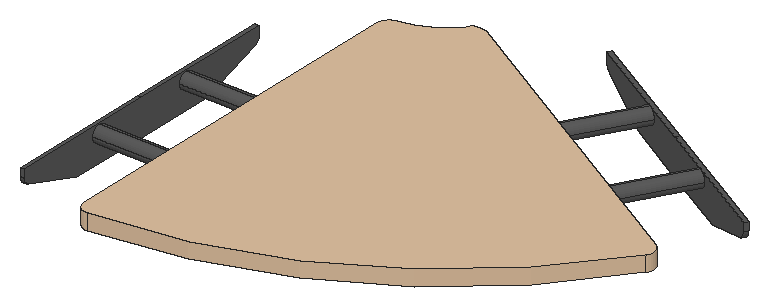
Revit family "PL90602", category Furniture, Revit 2020
Family settings
  OmniClass Number = 23.40.20.00
  OmniClass Title = General Furniture and Specialties
  Work Plane-Based = No
  Always vertical = Yes
  Cut with Voids When Loaded = No
  Shared = No
  Room Calculation Point = No
Parameters (values of type "PL90602")
  Width = 520 mm
  URL = "https://www.sandlerseating.com/product/pl90602/"
  Top Finish = Wood - Oak - Natural - V
  Model = "PL90602"
  Manufacturer = "Sandler"
  Frame Finish = Epoxy - M1_B00 - Black
  Elevation = 420 mm
  Description = "Plania corner connecting Top (2 ways 60°)"
  Depth = 520 mm
  Default Elevation = 0 mm
Reference planes
  plane 1 "Center (Front/Back)": y = 0
  plane 2: z = 0
  plane 3 "Center (Left/Right)": x = 0
  plane 4 "Right": x = -260
  plane 5 "Left": x = 260
  plane 6 "Back": y = 260
  plane 7 "Front": y = -260
  plane 8 "Elevation": z = 420
  plane 9 "Top Thickness": z = 401
  plane 10 "Bracket Left": x = -371.595
  plane 11 "Bracket Left Center": y = -23.413
Forms (mm)
  Extrusion 1, solid, material "Wood - Oak - Natural - V" <- "Top Finish"
    sketch origin (0, 0, 401) x (-1, 0, 0) y (0, -1, 0)
      loop
        line (260, -204.886) -> (260, 244.893)
        arc (260, 244.893) -> (255.265, 255.831) -> (244.048, 259.863) r 15
        arc (244.048, 259.863) -> (-23.028, 179.169) -> (-226.544, -11.678) r 612.078
        arc (-226.544, -11.678) -> (-228.665, -23.41) -> (-221.56, -32.984) r 15
        line (-221.56, -32.984) -> (168.579, -258.23)
        arc (168.579, -258.23) -> (179.018, -259.838) -> (188.012, -254.298) r 15.3
        arc (188.012, -254.298) -> (214.113, -231.455) -> (246.868, -220.047) r 90.93
        arc (246.868, -220.047) -> (256.261, -214.915) -> (260, -204.886) r 15.318
    from 0 to 19
  Sweep 2, solid, material "Epoxy - M1_B00 - Black" <- "Frame Finish"
    path in 3D
      loop
        line (-366.595, 43.905, 401) -> (-236.31, 43.905, 401)
        arc (-236.31, 43.905, 401) -> (-206.918, 47.774, 401) -> (-179.529, 59.119, 401) r 113.56
        line (-179.529, 59.119, 401) -> (-74.095, 119.992, 401)
        arc (-74.095, 119.992, 401) -> (-56.491, 133.5, 401) -> (-42.983, 151.104, 401) r 85
        line (-42.983, 151.104, 401) -> (25.187, 269.177, 401)
    profile "Pro_Circles : 20mm" origin (-301.452, 43.905, 401) x (0, 1, 0) y (0, 0, 1)
      loop
        arc (-9.967, -9.933) -> (-7.115, -17.02) -> (-0.067, -19.967) r 9.901
        arc (-0.067, -19.967) -> (7.068, -17.068) -> (9.967, -9.933) r 9.901
        arc (9.967, -9.933) -> (7.02, -2.885) -> (-0.067, -0.033) r 9.901
        arc (-0.067, -0.033) -> (-7.067, -2.933) -> (-9.967, -9.933) r 9.9
  Sweep 3, solid, material "Epoxy - M1_B00 - Black" <- "Frame Finish"
    path in 3D
      loop
        line (-366.595, -89.809, 401) -> (-161.595, -89.809, 401)
        arc (-161.595, -89.809, 401) -> (-138.301, -86.742, 401) -> (-116.595, -77.751, 401) r 90
        line (-116.595, -77.751, 401) -> (0.104, -10.375, 401)
        arc (0.104, -10.375, 401) -> (22.886, 7.106, 401) -> (40.367, 29.888, 401) r 110
        line (40.367, 29.888, 401) -> (140.187, 202.782, 401)
    profile "Pro_Circles : 20mm" origin (-264.095, -89.809, 401) x (0, 1, 0) y (0, 0, 1)
      loop
        arc (-9.967, -9.933) -> (-7.115, -17.02) -> (-0.067, -19.967) r 9.901
        arc (-0.067, -19.967) -> (7.068, -17.068) -> (9.967, -9.933) r 9.901
        arc (9.967, -9.933) -> (7.02, -2.885) -> (-0.067, -0.033) r 9.901
        arc (-0.067, -0.033) -> (-7.067, -2.933) -> (-9.967, -9.933) r 9.9
  Extrusion 4, solid, material "Epoxy - M1_B00 - Black" <- "Frame Finish"
    sketch origin (0, 0, 401) x (-1, 0, 0) y (0, -1, 0)
      loop
        line (112.217, 75.223) -> (86.236, 60.223) -> (161.202, -69.623) -> (187.183, -54.623) -> (112.217, 75.223)
      loop
        line (100.614, -104.681) -> (25.581, 25.281) -> (-0.4, 10.281) -> (74.633, -119.681) -> (100.614, -104.681)
    from 0 to -5
  Extrusion 5, solid, material "Epoxy - M1_B00 - Black" <- "Frame Finish"
    sketch origin (-371.595, 0, 0) x (0, 1, 0) y (0, 0, 1)
      loop
        line (-23.413, 356.5) -> (76.103, 356.5) -> (150.262, 381.336)
        arc (150.262, 381.336) -> (155.203, 384.977) -> (157.087, 390.819) r 10
        line (157.087, 390.819) -> (157.087, 401) -> (-23.413, 401) -> (-203.913, 401) -> (-203.913, 390.819)
        arc (-203.913, 390.819) -> (-202.03, 384.977) -> (-197.089, 381.336) r 10
        line (-197.089, 381.336) -> (-122.93, 356.5) -> (-23.413, 356.5)
    from 0 to 5
  Extrusion 6, solid, material "Epoxy - M1_B00 - Black" <- "Frame Finish"
    sketch origin (62.434, 247.709, 0) x (-0.866025, 0.5, 0) y (0, 0, 1)
      loop
        line (-23.413, 356.5) -> (76.103, 356.5) -> (150.262, 381.336)
        arc (150.262, 381.336) -> (155.203, 384.977) -> (157.087, 390.819) r 10
        line (157.087, 390.819) -> (157.087, 401) -> (-23.413, 401) -> (-203.913, 401) -> (-203.913, 390.819)
        arc (-203.913, 390.819) -> (-202.03, 384.977) -> (-197.089, 381.336) r 10
        line (-197.089, 381.336) -> (-122.93, 356.5) -> (-23.413, 356.5)
    from 0 to 5
Lines and regions (mm)
  sketch lines
    curve 1: line (-366.595, 43.905, 401) -> (-236.31, 43.905, 401)
    curve 2: arc (-236.31, 43.905, 401) -> (-206.918, 47.774, 401) -> (-179.529, 59.119, 401) r 113.56
    curve 3: line (-179.529, 59.119, 401) -> (-74.095, 119.992, 401)
    curve 4: arc (-74.095, 119.992, 401) -> (-56.491, 133.5, 401) -> (-42.983, 151.104, 401) r 85
    curve 5: line (25.187, 269.177, 401) -> (-42.983, 151.104, 401)
    curve 6: line (-366.595, -89.809, 401) -> (-161.595, -89.809, 401)
    curve 7: arc (-161.595, -89.809, 401) -> (-138.301, -86.742, 401) -> (-116.595, -77.751, 401) r 90
    curve 8: line (-116.595, -77.751, 401) -> (0.104, -10.375, 401)
    curve 9: arc (0.104, -10.375, 401) -> (22.886, 7.106, 401) -> (40.367, 29.888, 401) r 110
    curve 10: line (140.187, 202.782, 401) -> (40.367, 29.888, 401)
Dimensions and locks
  equal spacing: plane 4 "Right", plane 3 "Center (Left/Right)", plane 5 "Left"
  "Width": plane 4 "Right" to plane 5 "Left"
  equal spacing: plane 6 "Back", plane 1 "Center (Front/Back)", plane 7 "Front"
  "Depth": plane 6 "Back" to plane 7 "Front"
  "Elevation": plane 8 "Elevation" to level
  plane 9 "Top Thickness" to level = 401 mm
  plane 8 "Elevation" to plane 9 "Top Thickness" = 19 mm
  aligned and locked: level to plane 2
  aligned and locked: Extrusion 1 to plane 9 "Top Thickness"
Automatic sketch dimensions
  Extrusion 1 sketch curve to plane 4 "Right" = 0 mm
  Extrusion 1 sketch curve to plane 4 "Right" = 0.152 mm
  Extrusion 1 sketch curve to plane 4 "Right" = 15 mm
  Extrusion 1 sketch curve to plane 4 "Right" = 15.318 mm
  Extrusion 1 sketch curve to plane 6 "Back" = 15.158 mm
  Extrusion 1 sketch curve to Extrusion 1 sketch curve = 68.698 mm
  Extrusion 1 sketch curve to plane 6 "Back" = 1.77 mm
  Extrusion 1 sketch curve to Extrusion 1 sketch curve = 7.405 mm
  Extrusion 1 sketch curve to plane 1 "Center (Front/Back)" = 19.993 mm
  plane 5 "Left" to Extrusion 1 sketch curve = 45.94 mm
  Extrusion 1 sketch curve to Extrusion 1 sketch curve = 7.5 mm
  plane 4 "Right" to Extrusion 1 sketch curve = 22.88 mm
  plane 6 "Back" to Extrusion 1 sketch curve = 50.047 mm
  Extrusion 1 sketch curve to Extrusion 1 sketch curve = 40.936 mm
  Extrusion 1 sketch curve to plane 6 "Back" = 55.114 mm
  Extrusion 1 sketch curve to Extrusion 1 sketch curve = 12.99 mm
  plane 7 "Front" to Extrusion 1 sketch curve = 15.107 mm
  Extrusion 1 sketch curve to Extrusion 1 sketch curve = 0 mm  (x2)
  plane 3 "Center (Left/Right)" to Extrusion 4 sketch curve = 0.4 mm
  Extrusion 4 sketch curve to plane 3 "Center (Left/Right)" = 25.581 mm
  Extrusion 4 sketch curve to Extrusion 4 sketch curve = 60.588 mm
  Extrusion 4 sketch curve to Extrusion 4 sketch curve = 25.981 mm
  Extrusion 4 sketch curve to plane 1 "Center (Front/Back)" = 119.681 mm
  Extrusion 4 sketch curve to Extrusion 4 sketch curve = 15 mm  (x2)
  Extrusion 4 sketch curve to plane 1 "Center (Front/Back)" = 69.623 mm
  Extrusion 4 sketch curve to Extrusion 4 sketch curve = 60.655 mm
  plane 1 "Center (Front/Back)" to Extrusion 4 sketch curve = 60.223 mm
  Extrusion 5 sketch curve to plane 9 "Top Thickness" = 0 mm
  Extrusion 5 sketch curve to plane 11 "Bracket Left Center" = 0 mm  (x2)
  Extrusion 5 sketch curve to plane 9 "Top Thickness" = 44.5 mm
  Extrusion 5 sketch curve to Extrusion 5 sketch curve = 99.517 mm
  Extrusion 5 sketch curve to plane 9 "Top Thickness" = 10.181 mm  (x2)
  plane 7 "Front" to Extrusion 5 sketch curve = 66.087 mm
  Extrusion 5 sketch curve to plane 9 "Top Thickness" = 19.664 mm  (x2)
  Extrusion 5 sketch curve to Extrusion 5 sketch curve = 3.176 mm  (x2)
  Extrusion 5 sketch curve to plane 1 "Center (Front/Back)" = 76.103 mm
  Extrusion 5 sketch curve to Extrusion 5 sketch curve = 70.983 mm
  plane 9 "Top Thickness" to Extrusion 6 sketch curve = 0 mm
  Extrusion 6 sketch curve to plane 9 "Top Thickness" = 10.181 mm  (x2)
  Extrusion 6 sketch curve to plane 9 "Top Thickness" = 19.664 mm  (x2)
  Extrusion 6 sketch curve to Extrusion 6 sketch curve = 6.824 mm
  Extrusion 6 sketch curve to plane 9 "Top Thickness" = 44.5 mm
  Extrusion 6 sketch curve to Extrusion 6 sketch curve = 74.159 mm
  Extrusion 6 sketch curve to Extrusion 6 sketch curve = 99.517 mm  (x2)
  Extrusion 6 sketch curve to Extrusion 6 sketch curve = 0 mm
  Extrusion 6 sketch curve to Extrusion 6 sketch curve = 70.983 mm
  Extrusion 6 sketch curve to Extrusion 6 sketch curve = 3.176 mm
